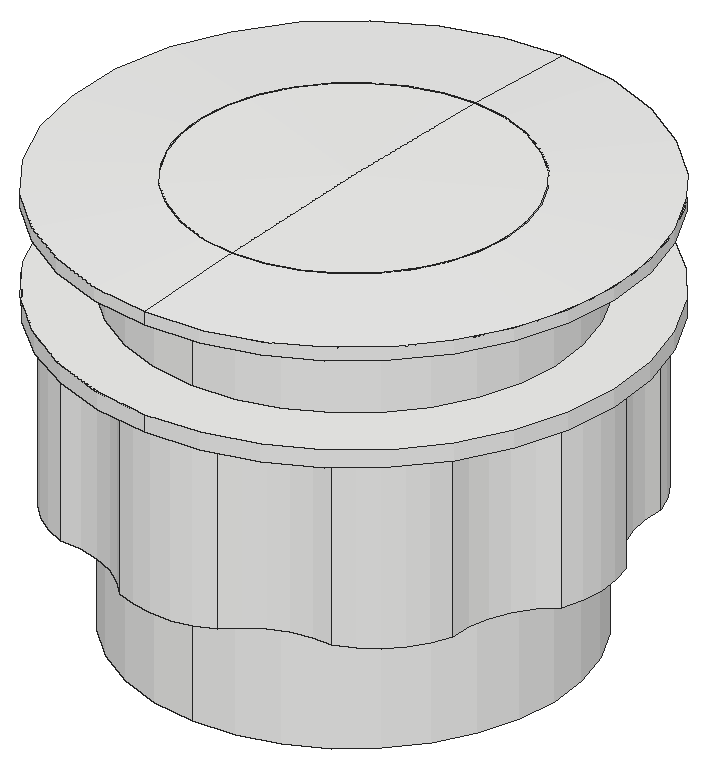
Revit family "Electronics_Masking-Generators_Biamp_Qt-Patient-Privacy-System_Emitter-W", category Communication Devices, host Face, Revit 2020
Family settings
  Host = Face
  Maintain Annotation Orientation = No
  Round Connector Dimension = Use Diameter
  Part Type = Normal
  OmniClass Number = 23.85.10.00
  OmniClass Title = General Information Systems
  Cut with Voids When Loaded = No
  Shared = No
  Room Calculation Point = No
Parameters (values of type "QT Emitter")
  Width [instance] = if([Nom Drywall Rough-in Mount], 5", if(Nom Ceiling Conduit Mount, 4.9", 0"))  # 0"
  Weight [instance] = if(Nom Beam Mount, 0.61 lbf, if(Nom Ceiling Conduit Mount, 5.01 lbf, if(Nom Drywall Mount, 0.42 lbf, if([Nom Drywall Rough-in Mount], 1.76 lbf, if(Nom Pendant Mount, 1.10 lbf, if(Nom Universal Mount, 0.59 lbf, 0.35 lbf))))))  # 0.35 lbf
  Version = 1
  Universal Mount = Universal Mount : Universal Mount
  URL = "https://www.biamp.com/"
  Temperature Range = "40 – 90° F (4 – 32° C)"  # constant formula
  Step [instance] = if(Nom Beam Mount, 2.24409", 0")  # 0"
  Standard Mount = Standard Mount : Standard Mount
  Sound Masking = "200Hz to 10kHz"  # constant formula
  Selectable Attenuation = "0dB, -3dB, -6dB, -9dB"  # constant formula
  Rotate note [instance] = "Only works with Universal Mount"  # constant formula
  Rotate angle [instance] = 0.00°
  Product data url = "https://bimobject.com/biamp/product/qt-patient-privacy_masking-generator"
  Product Page URL = "https://www.biamp.com/products/product-families/cambridge/masking-generators#qt-patient-privacy"
  Product Documentation Link = "https://downloads.biamp.com/assets/docs/default-source/data-sheets/qt-patient-privacy-system-product-brief.pdf"
  Pendant Mount = Pendant Mount : Pendant Mount
  Offset note [instance] = "Only works with Pendant Mount"  # constant formula
  Offset Emitter [instance] = if(Nom Pendant Mount, 8.14961", 0.03937")  # 0.03937"
  Pendant length [instance] = 3.54331"
  Nominal Impedance = "3.6kΩ"  # constant formula
  Nominal Dispersion = "170° conical/half space"  # constant formula
  Nom ceiling thickness [instance] = if(or(Nom Beam Mount, Nom Pendant Mount, Nom Universal Mount), 0.1", Ceiling thickness)  # 0.5"
  Nom Offset [instance] = if(Nom Universal Mount, 5.51", if(Nom Beam Mount, 2.36", if(or(Nom Ceiling Conduit Mount, Nom Drywall Mount, [Nom Drywall Rough-in Mount], Nom Standart Mount), 0", if(and(Nom Pendant Mount, or(Pendant length < 2", Pendant length = 2")), 2", if(and(Nom Pendant Mount, and(Pendant length > 2", Pendant length < 240")), Pendant length, if(and(Nom Pendant Mount, or(Pendant length > 240", Pendant length = 240")), 240", 0"))))))  # 0"
  Nom Universal Mount [instance] = Mounting kits = Universal Mount  # no
  Nom Standart Mount [instance] = Mounting kits = Standard Mount  # yes
  Nom Pendant Mount [instance] = Mounting kits = Pendant Mount  # no
  Nom Drywall Rough-in Mount [instance] = Mounting kits = [Drywall Rough-in Mount]  # no
  Nom Drywall Mount [instance] = Mounting kits = Drywall Mount  # no
  Nom Ceiling Conduit Mount [instance] = Mounting kits = Ceiling Conduit Mount  # no
  Nom Beam Mount [instance] = Mounting kits = Beam Mount  # no
  Music/Paging = "200Hz to 10kHz"  # constant formula
  Mounting kits [instance] = Standard Mount : Standard Mount
  Model = "QT Emitter"  # constant formula
  Minimum Masking SPL (@ 1m) = "30dBA"  # constant formula
  Maximum Number of Runs = "2"  # constant formula
  Maximum Music/Paging SPL (@ 1m) = "62dBA"  # constant formula
  Maximum Masking SPL (@ 1m) = "60dBA"  # constant formula
  Maximum Emitter Quantity (per Run) = "60"  # constant formula
  Maximum Cabling Distance (per Run) = "1000 feet (300m)"  # constant formula
  Manufacturer = "Biamp"  # constant formula
  Loudspeaker Type = "Passive with Transformer"  # constant formula
  Humidity = "0–95%, non-condensing"  # constant formula
  Height [instance] = if(Nom Standart Mount, 1", if(Nom Universal Mount, 4", if(Nom Beam Mount, 4", if(Nom Pendant Mount, 7", if(Nom Drywall Mount, 2.1", if([Nom Drywall Rough-in Mount], 0.38", 5.5"))))))  # 1"
  Drywall Rough-in Mount = Drywall Rough-in Mount : Drywall Rough-in Mount
  Drywall Mount = Drywall Mount : Drywall Mount
  Driver Diameter = "1.25 inches (32mm)"  # constant formula
  Diameter [instance] = if(Nom Standart Mount, 2.5", if(Nom Universal Mount, 3.5", if(Nom Beam Mount, 3.5", if(Nom Pendant Mount, 3.29921", if(Nom Drywall Mount, 3.5", 2.5")))))  # 2.5"
  Description = "QT® Patient Privacy System for Waiting Rooms, Exam Rooms, and Pharmacies"  # constant formula
  Depth [instance] = if([Nom Drywall Rough-in Mount], 28", if(Nom Ceiling Conduit Mount, 5.1", 0"))  # 0"
  Date Updated = ""
  Date Created = "2023/08/21"
  Connector Description = "RJ-45 Input"  # constant formula
  Channel Selection = "4 Channels (Auto Sequencing and Repeating)"  # constant formula
  Ceiling thickness note [instance] = "Only works with mount kits: Standard Mount, Drywall Mount, Drywall Rough-in Bracket, Ceiling Conduit Mount"  # constant formula
  Ceiling Conduit Mount = Ceiling Conduit Mount : Ceiling Conduit Mount
  Cable Type = "UTP Twisted Category 3 Type CMP (Plenum)"  # constant formula
  Beam Mount = Beam Mount : Beam Mount
  Angle [instance] = if(and(Nom Universal Mount, or(Rotate angle < -120.00°, Rotate angle = -120.00°)), -120.00°, if(and(Nom Universal Mount, and(Rotate angle > -120.00°, Rotate angle < 120.00°)), Rotate angle, if(and(Nom Universal Mount, or(Rotate angle > 120.00°, Rotate angle = 120.00°)), 120.00°, if(Nom Beam Mount, 180.00°, if(Nom Pendant Mount, 0.00°, 0.00°)))))  # 0.00°
  Radius [instance] = if(or(Nom Ceiling Conduit Mount, Nom Drywall Mount, [Nom Drywall Rough-in Mount], Nom Standart Mount), 1.25197", 0.01969")  # 1.25197"
  Housing Material = Biamp - Plastic - White
  Grid Material = Biamp - Plastic - White(Grid)
  Default Elevation = 92"
  Ceiling thickness [instance] = 0.5"
  Altitude = "0-6,600 feet (0–2000 Meters) MSL"  # constant formula
Reference planes (in)
  plane 1 "Center (Front/Back)": y = 0
  plane 2: z = 0
  plane 3 "Center (Left/Right)": x = 0
  plane 4: y = 0
Forms (in)
  Extrusion 1, solid, material "Biamp - Plastic - White" <- "Housing Material", visible <- "Nom Universal Mount"
    sketch origin (0, 0, 0) x (1, 0, 0) y (0, 1, 0)
      loop
        line (-1.50182, -1.20079) -> (1.50182, -1.20079)
        arc (1.50182, -1.20079) -> (1.62437, -1.15799) -> (1.69363, -1.04819) r 0.19685
        arc (1.69363, -1.04819) -> (1.81299, 0) -> (1.69363, 1.04819) r 4.66216
        arc (1.69363, 1.04819) -> (1.62437, 1.15799) -> (1.50182, 1.20079) r 0.19685
        line (1.50182, 1.20079) -> (-1.50182, 1.20079)
        arc (-1.50182, 1.20079) -> (-1.62437, 1.15799) -> (-1.69363, 1.04819) r 0.19685
        arc (-1.69363, 1.04819) -> (-1.81299, 0) -> (-1.69363, -1.04819) r 4.66216
        arc (-1.69363, -1.04819) -> (-1.62437, -1.15799) -> (-1.50182, -1.20079) r 0.19685
    from 0 to 0.3937
  Extrusion 2, solid, material "Biamp - Plastic - White" <- "Housing Material", visible <- "Nom Universal Mount", detail levels medium+fine
    sketch origin (0, 0, 0) x (1, 0, 0) y (0, 1, 0)
      loop
        arc (-1.69363, 1.04819) -> (-1.81299, 0) -> (-1.69363, -1.04819) r 4.66216
        line (-1.69363, -1.04819) -> (-1.65527, -1.03934)
        arc (-1.65527, -1.03934) -> (-1.77362, 0) -> (-1.65527, 1.03934) r 4.62279
        line (-1.65527, 1.03934) -> (-1.69363, 1.04819)
      loop
        line (1.69363, 1.04819) -> (1.65527, 1.03934)
        arc (1.65527, 1.03934) -> (1.77362, 0) -> (1.65527, -1.03934) r 4.62279
        line (1.65527, -1.03934) -> (1.69363, -1.04819)
        arc (1.69363, -1.04819) -> (1.81299, 0) -> (1.69363, 1.04819) r 4.66216
    from 0.3937 to 4.08117
  Extrusion 3, void
    sketch origin (0, 0, 0) x (0, 1, 0) y (0, 0, 1)
      loop
        line (-0.9133, 0.39416) -> (-0.52392, 3.1648)
        arc (-0.52392, 3.1648) -> (0, 3.62024) -> (0.52392, 3.1648) r 0.52906
        line (0.52392, 3.1648) -> (0.9133, 0.39416) -> (1.24019, 0.39416) -> (1.24019, 4.33117) -> (-1.20728, 4.33117) -> (-1.20728, 0.39416) -> (-0.9133, 0.39416)
      loop
        arc (0.3477, 0.66255) -> (0.53753, 0.74906) -> (0.59677, 0.94908) r 0.25152
        line (0.59677, 0.94908) -> (0.34418, 2.74638)
        arc (0.34418, 2.74638) -> (0, 3.04557) -> (-0.34418, 2.74638) r 0.34756
        line (-0.34418, 2.74638) -> (-0.59677, 0.94908)
        arc (-0.59677, 0.94908) -> (-0.53753, 0.74906) -> (-0.3477, 0.66255) r 0.25152
        line (-0.3477, 0.66255) -> (0.3477, 0.66255)
    from -2.52212 to 2.86082
  Revolve 4, void
    sketch origin (0, 0, -2.44094) x (0, 0, 1) y (0, -1, 0)
      loop
        line (2.44094, 0) -> (-1.88976, 0) -> (-1.88976, -1.25) -> (2.44094, -1.25) -> (2.44094, 0)
      axis (-1.88976, 0) -> (2.44094, 0)
    angle from 0 to 360
  Extrusion 5, void
    sketch origin (0, 0, 0) x (1, 0, 0) y (0, 1, 0)
      loop
        circle (0, 0) r 1.25197
    from -0.5 to 0
  Extrusion 6, solid, material "Biamp - Plastic - White" <- "Housing Material", visible <- "Nom Standart Mount"
    sketch origin (0, 16.72916, -0.5) x (0, -1, 0) y (1, 0, 0)
      loop
        circle (16.72916, 0) r 1.26181
      loop
        circle (16.72916, 0) r 1.62598
    from -0.09843 to 0
  Extrusion 7, solid, material "Biamp - Plastic - White" <- "Housing Material", visible <- "Nom Standart Mount", detail levels medium+fine
    sketch origin (0, 16.72916, -0.59843) x (1, 0, 0) y (0, -1, 0)
      loop
        circle (0, 16.72916) r 1.26181
      loop
        arc (-1.47144, 16.43388) -> (-1.29164, 16.18907) -> (-1.24366, 15.88913) r 0.64567
        arc (-1.24366, 15.88913) -> (-1.08363, 15.63091) -> (-0.82329, 15.47436) r 0.64618
        arc (-0.82329, 15.47436) -> (-0.51685, 15.428) -> (-0.26731, 15.24419) r 0.64567
        arc (-0.26731, 15.24419) -> (0.02823, 15.18692) -> (0.31764, 15.26977) r 0.64618
        arc (0.31764, 15.26977) -> (0.55848, 15.44533) -> (0.8525, 15.49402) r 0.64567
        arc (0.8525, 15.49402) -> (1.1091, 15.65664) -> (1.26303, 15.91854) r 0.64618
        arc (1.26303, 15.91854) -> (1.30779, 16.22912) -> (1.49369, 16.48192) r 0.64567
        arc (1.49369, 16.48192) -> (1.54285, 16.72916) -> (1.49369, 16.97639) r 0.64618
        arc (1.49369, 16.97639) -> (1.30779, 17.22919) -> (1.26303, 17.53977) r 0.64567
        arc (1.26303, 17.53977) -> (1.1091, 17.80168) -> (0.8525, 17.9643) r 0.64618
        arc (0.8525, 17.9643) -> (0.55848, 18.01299) -> (0.31764, 18.18855) r 0.64567
        arc (0.31764, 18.18855) -> (0.02823, 18.2714) -> (-0.26731, 18.21413) r 0.64618
        arc (-0.26731, 18.21413) -> (-0.51685, 18.03032) -> (-0.82329, 17.98396) r 0.64567
        arc (-0.82329, 17.98396) -> (-1.08363, 17.8274) -> (-1.24366, 17.56918) r 0.64618
        arc (-1.24366, 17.56918) -> (-1.29164, 17.26925) -> (-1.47144, 17.02443) r 0.64567
        arc (-1.47144, 17.02443) -> (-1.54285, 16.72916) -> (-1.47144, 16.43388) r 0.64618
    from 0 to 1.05815
  Extrusion 8, solid, material "Biamp - Plastic - White" <- "Housing Material", visible <- "Nom Drywall Mount"
    sketch origin (0, 16.72916, -0.5) x (0, -1, 0) y (1, 0, 0)
      loop
        circle (16.72916, 0) r 1.26181
      loop
        circle (16.72916, 0) r 1.5748
    from -0.09843 to 0
  Extrusion 9, solid, material "Biamp - Plastic - White" <- "Housing Material", visible <- "Nom Drywall Mount"
    sketch origin (0, 16.72916, -0.59843) x (1, 0, 0) y (0, -1, 0)
      loop
        circle (0, 16.72916) r 1.26181
      loop
        circle (0, 16.72916) r 1.34055
    from 0 to 1.50655
  Extrusion 10, void
    sketch origin (0, 16.72916, -0.5) x (0, -1, 0) y (0, 0, -1)
      loop
        line (18.14564, 1.60497) -> (15.35121, 1.60497) -> (15.35121, 1.2541) -> (18.14564, 1.2541) -> (18.14564, 1.60497)
    from -0.98425 to 0.98425
  Sweep 11, solid, material "Biamp - Metal - Black", visible <- "Nom Drywall Mount", detail levels medium+fine
    path origin (0, 16.72916, -0.5) x (0, -1, 0) y (1, 0, 0)
      loop
        line (17.00475, 0) -> (16.45357, 0)
    profile origin (0, 0, -0.5) x (-1, 0, 0) y (0, 0, 1)
      loop
        line (1.30062, -1.53238) -> (1.30062, -1.57838)
        arc (1.30062, -1.57838) -> (1.97291, -0.94249) -> (2.31108, -0.08111) r 2.12448
        arc (2.31108, -0.08111) -> (2.34487, -0.05189) -> (2.37924, -0.08043) r 0.03455
        line (2.37924, -0.08043) -> (2.40929, -0.25083)
        arc (2.40929, -0.25083) -> (2.48706, -0.31608) -> (2.56483, -0.25083) r 0.07897
        line (2.56483, -0.25083) -> (2.57468, -0.19496) -> (2.53591, -0.18812) -> (2.52508, -0.24952)
        arc (2.52508, -0.24952) -> (2.48706, -0.28142) -> (2.44903, -0.24952) r 0.03861
        line (2.44903, -0.24952) -> (2.41545, -0.05907)
        arc (2.41545, -0.05907) -> (2.34409, 0) -> (2.27433, -0.06096) r 0.07149
        arc (2.27433, -0.06096) -> (1.95078, -0.90474) -> (1.30062, -1.53238) r 2.08511
      loop
        line (-1.30092, -1.57838) -> (-1.30092, -1.53238)
        arc (-1.30092, -1.53238) -> (-1.95109, -0.90474) -> (-2.27464, -0.06096) r 2.08511
        arc (-2.27464, -0.06096) -> (-2.34439, 0) -> (-2.41576, -0.05907) r 0.07149
        line (-2.41576, -0.05907) -> (-2.44934, -0.24952)
        arc (-2.44934, -0.24952) -> (-2.48736, -0.28142) -> (-2.52539, -0.24952) r 0.03861
        line (-2.52539, -0.24952) -> (-2.53621, -0.18812) -> (-2.57498, -0.19496) -> (-2.56513, -0.25083)
        arc (-2.56513, -0.25083) -> (-2.48736, -0.31608) -> (-2.40959, -0.25083) r 0.07897
        line (-2.40959, -0.25083) -> (-2.37955, -0.08043)
        arc (-2.37955, -0.08043) -> (-2.34518, -0.05189) -> (-2.31139, -0.08111) r 0.03455
        arc (-2.31139, -0.08111) -> (-1.97321, -0.94249) -> (-1.30092, -1.57838) r 2.12448
  Extrusion 12, void
    sketch origin (0, 16.72916, -2.10497) x (0, 1, 0) y (1, 0, 0)
      loop
        arc (-17.05732, -1.29976) -> (-16.74348, -1.34047) -> (-16.42884, -1.30648) r 1.34055
        line (-16.42884, -1.30648) -> (-16.42884, -1.15698) -> (-17.05732, -1.15698) -> (-17.05732, -1.29976)
      loop
        line (-17.05732, 1.29976) -> (-17.05732, 1.15698) -> (-16.42884, 1.15698) -> (-16.42884, 1.30648)
        arc (-16.42884, 1.30648) -> (-16.74348, 1.34047) -> (-17.05732, 1.29976) r 1.34055
    from -0.40627 to 0
  Extrusion 13, solid, material "Biamp - Plastic - White" <- "Housing Material", visible <- "Nom Drywall Rough-in Mount"
    sketch origin (0, 16.72916, -0.5) x (0, -1, 0) y (1, 0, 0)
      loop
        circle (16.72916, 0) r 1.26181
      loop
        circle (16.72916, 0) r 1.5748
    from -0.09843 to 0
  Extrusion 14, solid, material "Biamp - Plastic - White" <- "Housing Material", visible <- "Nom Drywall Rough-in Mount"
    sketch origin (0, 16.72916, -0.59843) x (1, 0, 0) y (0, -1, 0)
      loop
        circle (0, 16.72916) r 1.26181
      loop
        circle (0, 16.72916) r 1.34055
    from 0 to 1.50655
  Sweep 15, solid, material "Biamp - Metal - Black", visible <- "Nom Drywall Rough-in Mount", detail levels medium+fine
    path origin (0, 16.72916, -0.5) x (0, -1, 0) y (1, 0, 0)
      loop
        line (17.00475, 0) -> (16.45357, 0)
    profile origin (0, 0, -0.5) x (-1, 0, 0) y (0, 0, 1)
      loop
        line (-1.29553, -1.53041) -> (-1.30352, -1.4851)
        arc (-1.30352, -1.4851) -> (-2.05279, -0.9799) -> (-2.51795, -0.20513) r 2.08511
        arc (-2.51795, -0.20513) -> (-2.59723, -0.1572) -> (-2.65725, -0.22777) r 0.07149
        line (-2.65725, -0.22777) -> (-2.65725, -0.42115)
        arc (-2.65725, -0.42115) -> (-2.68916, -0.45918) -> (-2.73215, -0.43436) r 0.03861
        line (-2.73215, -0.43436) -> (-2.75347, -0.37578) -> (-2.79046, -0.38924) -> (-2.77106, -0.44255)
        arc (-2.77106, -0.44255) -> (-2.68314, -0.49331) -> (-2.61788, -0.41554) r 0.07897
        line (-2.61788, -0.41554) -> (-2.61788, -0.24252)
        arc (-2.61788, -0.24252) -> (-2.589, -0.20844) -> (-2.55064, -0.23135) r 0.03455
        arc (-2.55064, -0.23135) -> (-2.06803, -1.02092) -> (-1.29553, -1.53041) r 2.12448
      loop
        arc (1.29553, -1.53041) -> (2.06803, -1.02092) -> (2.55064, -0.23135) r 2.12448
        arc (2.55064, -0.23135) -> (2.589, -0.20844) -> (2.61788, -0.24252) r 0.03455
        line (2.61788, -0.24252) -> (2.61788, -0.41554)
        arc (2.61788, -0.41554) -> (2.68314, -0.49331) -> (2.77106, -0.44255) r 0.07897
        line (2.77106, -0.44255) -> (2.79046, -0.38924) -> (2.75347, -0.37578) -> (2.73215, -0.43436)
        arc (2.73215, -0.43436) -> (2.68916, -0.45918) -> (2.65725, -0.42115) r 0.03861
        line (2.65725, -0.42115) -> (2.65725, -0.22777)
        arc (2.65725, -0.22777) -> (2.59723, -0.1572) -> (2.51795, -0.20513) r 0.07149
        arc (2.51795, -0.20513) -> (2.05279, -0.9799) -> (1.30352, -1.4851) r 2.08511
        line (1.30352, -1.4851) -> (1.29553, -1.53041)
  Extrusion 16, solid, material "Biamp - Metal - Gray", visible <- "Nom Drywall Rough-in Mount"
    sketch origin (0, 16.72916, -0.5) x (0, -1, 0) y (1, 0, 0)
      loop
        line (14.22916, 14) -> (14.22916, -14) -> (19.22916, -14) -> (19.22916, 14) -> (14.22916, 14)
      loop
        circle (16.72916, 0) r 1.37992
    from -0.15748 to -0.09843
  Extrusion 17, solid, material "Biamp - Metal - Gray", visible <- "Nom Ceiling Conduit Mount"
    sketch origin (0, 16.72916, -0.5) x (0, -1, 0) y (1, 0, 0)
      loop
        line (14.3079, -2.42126) -> (19.15042, -2.42126) -> (19.15042, 2.42126) -> (14.3079, 2.42126) -> (14.3079, -2.42126)
      loop
        circle (16.72916, 0) r 1.26181
    from -4.88189 to 0
  Sweep 18, solid, material "Biamp - Metal - Gray", visible <- "Nom Ceiling Conduit Mount"
    path origin (0, 16.72916, -0.5) x (0, -1, 0) y (1, 0, 0)
      loop
        line (19.15042, -12.16535) -> (19.15042, 12.16535)
    profile origin (0, -2.42126, -0.5) x (0, 1, 0) y (0, 0, 1)
      loop
        line (0, 0) -> (-1.5748, 0) -> (-1.5748, -0.07874) -> (-0.07874, -0.07874) -> (-0.07874, -1.5748) -> (0, -1.5748) -> (0, 0)
      loop
        line (4.84252, 0) -> (4.84252, -1.5748) -> (4.92126, -1.5748) -> (4.92126, -0.07874) -> (6.41732, -0.07874) -> (6.41732, 0) -> (4.84252, 0)
  Extrusion 19, solid, material "Biamp - Metal - Gray", visible <- "Nom Ceiling Conduit Mount", detail levels medium+fine
    sketch origin (-12.16535, -2.5, -2.0748) x (1, 0, 0) y (0, 0, 1)
      loop
        line (24.25197, 1.49606) -> (24.25197, -0.66929) -> (25.23622, -0.66929) -> (25.23622, 1.49606) -> (25.15748, 1.49606) -> (25.15748, -0.59055) -> (24.33071, -0.59055) -> (24.33071, 1.49606) -> (24.25197, 1.49606)
    from 0 to 0.98425
  Extrusion 20, solid, material "Biamp - Metal - Gray", visible <- "Nom Ceiling Conduit Mount", detail levels medium+fine
    sketch origin (-12.16535, 2.5, -0.57874) x (1, 0, 0) y (0, 0, -1)
      loop
        line (24.25197, 0) -> (24.33071, 0) -> (24.33071, 2.08661) -> (25.15748, 2.08661) -> (25.15748, 0) -> (25.23622, 0) -> (25.23622, 2.16535) -> (24.25197, 2.16535) -> (24.25197, 0)
    from 0 to 0.98425
  Extrusion 21, solid, material "Biamp - Metal - Gray", visible <- "Nom Ceiling Conduit Mount", detail levels medium+fine
    sketch origin (-37.32283, -2.5, -2.0748) x (1, 0, 0) y (0, 0, 1)
      loop
        line (24.25197, 1.49606) -> (24.25197, -0.66929) -> (25.23622, -0.66929) -> (25.23622, 1.49606) -> (25.15748, 1.49606) -> (25.15748, -0.59055) -> (24.33071, -0.59055) -> (24.33071, 1.49606) -> (24.25197, 1.49606)
    from 0 to 0.98425
  Extrusion 22, solid, material "Biamp - Metal - Gray", visible <- "Nom Ceiling Conduit Mount", detail levels medium+fine
    sketch origin (-37.32283, 2.5, -0.57874) x (1, 0, 0) y (0, 0, -1)
      loop
        line (24.25197, 0) -> (24.33071, 0) -> (24.33071, 2.08661) -> (25.15748, 2.08661) -> (25.15748, 0) -> (25.23622, 0) -> (25.23622, 2.16535) -> (24.25197, 2.16535) -> (24.25197, 0)
    from 0 to 0.98425
  Sweep 23, solid, material "Biamp - Plastic - White" <- "Housing Material", visible <- "Nom Beam Mount", detail levels medium+fine
    path origin (0, 2.24513, -1.23668) x (0, 1, 0) y (0, 0, 1)
      loop
        line (-2.63386, 0) -> (-1.69291, 0) -> (-1.69291, 1.42618) -> (-3.44488, 1.42618)
    profile origin (0, 0.08174, -1.23668) x (0, 0, 1) y (1, 0, 0)
      loop
        arc (0.14306, -0.35679) -> (0.18886, -0.32513) -> (0.1572, -0.27933) r 0.03937
        arc (0.1572, -0.27933) -> (0.13977, -0.27512) -> (0.12293, -0.26895) r 0.15777
        arc (0.12293, -0.26895) -> (0.10596, -0.24751) -> (0.11447, -0.22152) r 0.02888
        arc (0.11447, -0.22152) -> (0.1495, -0.17112) -> (0.16184, -0.111) r 0.15264
        line (0.16184, -0.111) -> (0.16184, 0.111)
        arc (0.16184, 0.111) -> (0.1495, 0.17112) -> (0.11447, 0.22152) r 0.15264
        arc (0.11447, 0.22152) -> (0.10596, 0.24751) -> (0.12293, 0.26895) r 0.02888
        arc (0.12293, 0.26895) -> (0.13977, 0.27512) -> (0.1572, 0.27933) r 0.15777
        arc (0.1572, 0.27933) -> (0.18886, 0.32513) -> (0.14306, 0.35679) r 0.03937
        arc (0.14306, 0.35679) -> (0.07734, 0.33445) -> (0.02093, 0.29398) r 0.23651
        arc (0.02093, 0.29398) -> (0.00039, 0.24967) -> (0.0148, 0.20301) r 0.06807
        arc (0.0148, 0.20301) -> (0.02977, 0.18718) -> (0.04733, 0.17429) r 0.12053
        arc (0.04733, 0.17429) -> (0.07354, 0.14735) -> (0.0831, 0.111) r 0.0739
        line (0.0831, 0.111) -> (0.0831, -0.111)
        arc (0.0831, -0.111) -> (0.07354, -0.14735) -> (0.04733, -0.17429) r 0.0739
        arc (0.04733, -0.17429) -> (0.02977, -0.18718) -> (0.0148, -0.20301) r 0.12053
        arc (0.0148, -0.20301) -> (0.00039, -0.24967) -> (0.02093, -0.29398) r 0.06807
        arc (0.02093, -0.29398) -> (0.07734, -0.33445) -> (0.14306, -0.35679) r 0.23651
  Revolve 24, solid, material "Biamp - Plastic - White" <- "Housing Material", visible <- "Nom Pendant Mount"
    sketch origin (0, 0, 0) x (0, 1, 0) y (0, 0, 1)
      loop
        line (0, 0) -> (0, 1.16405) -> (-0.33877, 1.16405) -> (-0.47679, 0.18201)
        arc (-0.47679, 0.18201) -> (-0.67322, 0.31245) -> (-0.84394, 0.4751) r 1.34944
        arc (-0.84394, 0.4751) -> (-1.90571, 0.35412) -> (-2.95276, 0.14035) r 12.15581
        line (-2.95276, 0.14035) -> (-2.95276, 0) -> (0, 0)
      axis (0, 0) -> (0, 1.16405)
    angle from 0 to 360
  Extrusion 25, solid, material "Biamp - Plastic - White" <- "Housing Material", visible <- "Nom Pendant Mount"
    sketch origin (0, 0, 1.16405) x (-1, 0, 0) y (0, -1, 0)
      loop
        circle (0, 0) r 0.05877
    from 0 to -1.16405
  Revolve 26, solid, material "Biamp - Plastic - White" <- "Housing Material", visible <- "Nom Pendant Mount", detail levels medium+fine
    sketch origin (0, 0.93869, 0) x (0, -1, 0) y (0, 0, -1)
      loop
        line (0.93869, 0) -> (0.93869, -5.73407) -> (2.18869, -5.73407) -> (2.18869, -8.10858) -> (2.59223, -8.10858) -> (2.59223, -1.42747)
        arc (2.59223, -1.42747) -> (2.30729, -1.05282) -> (1.85859, -0.91063) r 0.77912
        line (1.85859, -0.91063) -> (1.55634, -0.91063)
        arc (1.55634, -0.91063) -> (1.46569, -0.45906) -> (1.42836, 0) r 3.93915
        line (1.42836, 0) -> (0.93869, 0)
      axis (0.93869, 0) -> (0.93869, -8.10858)
    angle from 0 to 360
  Extrusion 27, solid, material "Biamp - Plastic - White" <- "Housing Material", visible <- "Nom Beam Mount"
    sketch origin (0, 0, 2.56472) x (1, 0, 0) y (0, 1, 0)
      loop
        circle (0, 0) r 1.69291
    from -6.89542 to -2.56472
  Revolve 28, solid, material "Biamp - Plastic - White" <- "Housing Material", visible <- "Nom Pendant Mount", detail levels coarse
    sketch origin (0, 0.93869, 0) x (0, -1, 0) y (0, 0, -1)
      loop
        line (0.93869, 0) -> (0.93869, -5.73407) -> (2.18869, -5.73407) -> (2.18869, -8.10858) -> (2.59223, -8.10858) -> (2.59223, -1.42747) -> (1.42836, 0) -> (0.93869, 0)
      axis (0.93869, 0) -> (0.93869, -8.10858)
    angle from 0 to 360
  Extrusion 29, solid, material "Biamp - Plastic - White" <- "Housing Material", visible <- "Nom Universal Mount", detail levels coarse
    sketch origin (0, 0, 0) x (1, 0, 0) y (0, 1, 0)
      loop
        arc (-1.69363, 1.04819) -> (-1.81299, 0) -> (-1.69363, -1.04819) r 4.66216
        line (-1.69363, -1.04819) -> (-1.65527, -1.03934)
        arc (-1.65527, -1.03934) -> (-1.77362, 0) -> (-1.65527, 1.03934) r 4.62279
        line (-1.65527, 1.03934) -> (-1.69363, 1.04819)
      loop
        line (1.69363, 1.04819) -> (1.65527, 1.03934)
        arc (1.65527, 1.03934) -> (1.77362, 0) -> (1.65527, -1.03934) r 4.62279
        line (1.65527, -1.03934) -> (1.69363, -1.04819)
        arc (1.69363, -1.04819) -> (1.81299, 0) -> (1.69363, 1.04819) r 4.66216
    from 0.3937 to 4.08117
  Extrusion 30, void
    sketch origin (0, 0, 0) x (0, 1, 0) y (0, 0, 1)
      loop
        line (-0.9133, 0.39416) -> (-0.52392, 3.1648)
        arc (-0.52392, 3.1648) -> (0, 3.62024) -> (0.52392, 3.1648) r 0.52906
        line (0.52392, 3.1648) -> (0.9133, 0.39416) -> (1.24019, 0.39416) -> (1.24019, 4.33117) -> (-1.20728, 4.33117) -> (-1.20728, 0.39416) -> (-0.9133, 0.39416)
    from -2.52212 to 2.86082
  Sweep 31, solid, material "Biamp - Plastic - White" <- "Housing Material", visible <- "Nom Beam Mount", detail levels coarse
    path origin (0, 2.24513, -1.23668) x (0, 1, 0) y (0, 0, 1)
      loop
        line (-2.63386, 0) -> (-1.69291, 0) -> (-1.69291, 1.42618) -> (-3.44488, 1.42618)
    profile origin (0, 0.08174, -1.23668) x (0, 0, 1) y (1, 0, 0)
      loop
        line (0.18886, -0.35679) -> (0.18886, 0.35679) -> (0.00039, 0.35679) -> (0.00039, -0.35679) -> (0.18886, -0.35679)
  Extrusion 32, solid, material "Biamp - Plastic - White" <- "Housing Material", visible <- "Nom Standart Mount", detail levels coarse
    sketch origin (0, 16.72916, -0.59843) x (1, 0, 0) y (0, -1, 0)
      loop
        circle (0, 16.72916) r 1.26181
      loop
        circle (0, 16.72916) r 1.54285
    from 0 to 1.05815
Cuts and joins
  Extrusion 10 cuts Extrusion 9
  Extrusion 12 cuts Sweep 11
  Extrusion 10 cuts Extrusion 14
  Extrusion 12 cuts Sweep 15
  Revolve 4 cuts Extrusion 27
  Extrusion 3 cuts Extrusion 2
  Extrusion 30 cuts Extrusion 29
Lines and regions (in)
  Masking region 1, visible <- "Nom Universal Mount"
    outline origin (0, 0, 0) x (0, 1, 0) y (0, 0, 1)
      loop
        line (-1.20079, 0.3937) -> (-1.20079, 0) -> (1.20079, 0) -> (1.20079, 0.3937) -> (-1.20079, 0.3937)
  Masking region 2, visible <- "Nom Universal Mount"
    outline origin (0, 0, 0) x (0, 1, 0) y (0, 0, 1)
      loop
        line (-0.52392, 3.1648) -> (-0.91337, 0.3937) -> (0.91337, 0.3937) -> (0.52392, 3.1648)
        arc (0.52392, 3.1648) -> (0, 3.62024) -> (-0.52392, 3.1648) r 0.52906
      loop
        line (-0.34418, 2.74638) -> (-0.59677, 0.94908)
        arc (-0.59677, 0.94908) -> (-0.53753, 0.74906) -> (-0.3477, 0.66255) r 0.25152
        line (-0.3477, 0.66255) -> (0.3477, 0.66255)
        arc (0.3477, 0.66255) -> (0.53753, 0.74906) -> (0.59677, 0.94908) r 0.25152
        line (0.59677, 0.94908) -> (0.34418, 2.74638)
        arc (0.34418, 2.74638) -> (0, 3.04557) -> (-0.34418, 2.74638) r 0.34756
  Masking region 3, visible <- "Nom Universal Mount"
    outline origin (0, 0, -2.44094) x (0, 0, 1) y (0, -1, 0)
      loop
        line (2.44094, 1.69291) -> (-1.88976, 1.69291) -> (-1.88976, -1.69291) -> (2.44094, -1.69291) -> (2.44094, 1.69291)
  Masking region 4, visible <- "Nom Universal Mount"
    outline origin (0, 0, 0) x (1, 0, 0) y (0, 1, 0)
      loop
        line (1.50182, 1.20079) -> (-1.50182, 1.20079)
        arc (-1.50182, 1.20079) -> (-1.62437, 1.15799) -> (-1.69363, 1.04819) r 0.19685
        arc (-1.69363, 1.04819) -> (-1.81299, 0) -> (-1.69363, -1.04819) r 4.66216
        arc (-1.69363, -1.04819) -> (-1.62437, -1.15799) -> (-1.50182, -1.20079) r 0.19685
        line (-1.50182, -1.20079) -> (1.50182, -1.20079)
        arc (1.50182, -1.20079) -> (1.62437, -1.15799) -> (1.69363, -1.04819) r 0.19685
        arc (1.69363, -1.04819) -> (1.81299, 0) -> (1.69363, 1.04819) r 4.66216
        arc (1.69363, 1.04819) -> (1.62437, 1.15799) -> (1.50182, 1.20079) r 0.19685
  Masking region 5, visible <- "Nom Universal Mount"
    outline origin (0, 0, 0) x (1, 0, 0) y (0, 1, 0)
      loop
        arc (-1.72265, 0.91337) -> (-1.81299, 0) -> (-1.72265, -0.91337) r 4.66216
        line (-1.72265, -0.91337) -> (-1.68249, -0.91337)
        arc (-1.68249, -0.91337) -> (-1.77362, 0) -> (-1.68249, 0.91337) r 4.62279
        line (-1.68249, 0.91337) -> (-1.72265, 0.91337)
      loop
        line (1.72265, 0.91337) -> (1.68249, 0.91337)
        arc (1.68249, 0.91337) -> (1.77362, 0) -> (1.68249, -0.91337) r 4.62279
        line (1.68249, -0.91337) -> (1.72265, -0.91337)
        arc (1.72265, -0.91337) -> (1.81299, 0) -> (1.72265, 0.91337) r 4.66216
  Masking region 6, visible <- "Nom Beam Mount"
    outline origin (0, 1.51196, 0.00205) x (0, 1, 0) y (0, 0, 1)
      loop
        line (-2.71172, 0.18706) -> (-2.71172, -0.0022) -> (-1.14922, -0.0022) -> (-1.14922, -1.04938) -> (-1.90069, -1.04938) -> (-1.90069, -1.23865) -> (-0.96078, -1.23865) -> (-0.96078, 0.18706) -> (-2.71172, 0.18706)
  Masking region 7, visible <- "Nom Beam Mount"
    outline origin (0, 0, -2.44094) x (0, 0, 1) y (0, -1, 0)
      loop
        line (-1.88976, -1.69291) -> (2.44094, -1.69291) -> (2.44094, 1.69291) -> (-1.88976, 1.69291) -> (-1.88976, -1.69291)
  Masking region 8, visible <- "Nom Ceiling Conduit Mount"
    outline origin (-2.54997, -16.52759, -0.5) x (1, 0, 0) y (0, 0, 1)
      loop
        line (-9.61539, -0.07874) -> (14.71532, -0.07874) -> (14.71532, 0) -> (-9.61539, 0) -> (-9.61539, -0.07874)
  Masking region 9, visible <- "Nom Ceiling Conduit Mount"
    outline origin (-2.54997, -16.52759, -0.5) x (1, 0, 0) y (0, 0, 1)
      loop
        line (0.12871, -0.07874) -> (0.12871, -4.88189) -> (4.97123, -4.88189) -> (4.97123, -0.07874) -> (0.12871, -0.07874)
  Masking region 10, visible <- "Nom Ceiling Conduit Mount"
    outline origin (-2.54997, -16.52759, -0.5) x (1, 0, 0) y (0, 0, 1)
      loop
        line (-9.53665, -0.07874) -> (-9.53665, -1.5748) -> (14.63658, -1.5748) -> (14.63658, -0.07874) -> (-9.53665, -0.07874)
  Masking region 11, visible <- "Nom Drywall Mount"
    outline origin (-2.54997, -16.52759, -0.5) x (1, 0, 0) y (0, 0, 1)
      loop
        line (0.97517, 0) -> (0.97517, -0.09843) -> (4.12477, -0.09843) -> (4.12477, 0) -> (0.97517, 0)
  Masking region 12, visible <- "Nom Drywall Mount"
    outline origin (-2.54997, -16.52759, -0.5) x (1, 0, 0) y (0, 0, 1)
      loop
        line (3.89052, -0.09843) -> (1.20942, -0.09843) -> (1.20942, -1.60497) -> (1.56572, -1.60497) -> (1.56572, -1.2541) -> (3.53422, -1.2541) -> (3.53422, -1.60497) -> (3.89052, -1.60497) -> (3.89052, -0.09843)
  Masking region 13, visible <- "Nom Drywall Mount"
    outline origin (-2.54997, -16.52759, -0.5) x (1, 0, 0) y (0, 0, 1)
      loop
        arc (0.23888, -0.08111) -> (0.56408, -0.92301) -> (1.20942, -1.55395) r 2.12448
        line (1.20942, -1.55395) -> (1.20942, -1.50731)
        arc (1.20942, -1.50731) -> (0.58629, -0.88501) -> (0.27564, -0.06096) r 2.08511
        arc (0.27564, -0.06096) -> (0.20588, 0) -> (0.13452, -0.05907) r 0.07149
        line (0.13452, -0.05907) -> (0.10094, -0.24952)
        arc (0.10094, -0.24952) -> (0.06291, -0.28142) -> (0.02489, -0.24952) r 0.03861
        line (0.02489, -0.24952) -> (0.01406, -0.18812) -> (-0.02471, -0.19496) -> (-0.01486, -0.25083)
        arc (-0.01486, -0.25083) -> (0.06291, -0.31608) -> (0.14068, -0.25083) r 0.07897
        line (0.14068, -0.25083) -> (0.17073, -0.08043)
        arc (0.17073, -0.08043) -> (0.20509, -0.05189) -> (0.23888, -0.08111) r 0.03455
      loop
        arc (4.8246, -0.06096) -> (4.51386, -0.88516) -> (3.89052, -1.5075) r 2.08511
        line (3.89052, -1.5075) -> (3.89052, -1.55414)
        arc (3.89052, -1.55414) -> (4.53607, -0.92316) -> (4.86136, -0.08111) r 2.12448
        arc (4.86136, -0.08111) -> (4.89515, -0.05189) -> (4.92952, -0.08043) r 0.03455
        line (4.92952, -0.08043) -> (4.95956, -0.25083)
        arc (4.95956, -0.25083) -> (5.03733, -0.31608) -> (5.1151, -0.25083) r 0.07897
        line (5.1151, -0.25083) -> (5.12495, -0.19496) -> (5.08618, -0.18812) -> (5.07536, -0.24952)
        arc (5.07536, -0.24952) -> (5.03733, -0.28142) -> (4.99931, -0.24952) r 0.03861
        line (4.99931, -0.24952) -> (4.96573, -0.05907)
        arc (4.96573, -0.05907) -> (4.89436, 0) -> (4.8246, -0.06096) r 0.07149
  Masking region 14, visible <- "Nom Drywall Rough-in Mount"
    outline origin (-2.54997, -16.52759, -0.5) x (1, 0, 0) y (0, 0, 1)
      loop
        line (0.97517, 0) -> (0.97517, -0.09843) -> (4.12477, -0.09843) -> (4.12477, 0) -> (0.97517, 0)
  Masking region 15, visible <- "Nom Drywall Rough-in Mount"
    outline origin (-2.54997, -16.52759, -0.5) x (1, 0, 0) y (0, 0, 1)
      loop
        line (-11.45003, -0.09843) -> (-11.45003, -0.15748) -> (16.54997, -0.15748) -> (16.54997, -0.09843) -> (-11.45003, -0.09843)
  Masking region 16, visible <- "Nom Drywall Rough-in Mount"
    outline origin (-2.54997, -16.52759, -0.5) x (1, 0, 0) y (0, 0, 1)
      loop
        line (1.20942, -1.60497) -> (1.56572, -1.60497) -> (1.56572, -1.2541) -> (3.53422, -1.2541) -> (3.53422, -1.60497) -> (3.89052, -1.60497) -> (3.89052, -0.15748) -> (1.20942, -0.15748) -> (1.20942, -1.60497)
  Masking region 17, visible <- "Nom Drywall Rough-in Mount"
    outline origin (-2.54997, -16.52759, -0.5) x (1, 0, 0) y (0, 0, 1)
      loop
        arc (5.06791, -0.20513) -> (4.61644, -0.96534) -> (3.89052, -1.47012) r 2.08511
        line (3.89052, -1.47012) -> (3.89052, -1.51269)
        arc (3.89052, -1.51269) -> (4.63471, -1.00342) -> (5.10061, -0.23135) r 2.12448
        arc (5.10061, -0.23135) -> (5.13897, -0.20844) -> (5.16785, -0.24252) r 0.03455
        line (5.16785, -0.24252) -> (5.16785, -0.41554)
        arc (5.16785, -0.41554) -> (5.23311, -0.49331) -> (5.32103, -0.44255) r 0.07897
        line (5.32103, -0.44255) -> (5.34043, -0.38924) -> (5.30344, -0.37578) -> (5.28212, -0.43436)
        arc (5.28212, -0.43436) -> (5.23913, -0.45918) -> (5.20722, -0.42115) r 0.03861
        line (5.20722, -0.42115) -> (5.20722, -0.22777)
        arc (5.20722, -0.22777) -> (5.1472, -0.1572) -> (5.06791, -0.20513) r 0.07149
      loop
        arc (-0.00067, -0.23135) -> (0.46523, -1.00342) -> (1.20942, -1.51269) r 2.12448
        line (1.20942, -1.51269) -> (1.20942, -1.47012)
        arc (1.20942, -1.47012) -> (0.4835, -0.96534) -> (0.03202, -0.20513) r 2.08511
        arc (0.03202, -0.20513) -> (-0.04726, -0.1572) -> (-0.10729, -0.22777) r 0.07149
        line (-0.10729, -0.22777) -> (-0.10729, -0.42115)
        arc (-0.10729, -0.42115) -> (-0.13919, -0.45918) -> (-0.18218, -0.43436) r 0.03861
        line (-0.18218, -0.43436) -> (-0.2035, -0.37578) -> (-0.2405, -0.38924) -> (-0.22109, -0.44255)
        arc (-0.22109, -0.44255) -> (-0.13317, -0.49331) -> (-0.06792, -0.41554) r 0.07897
        line (-0.06792, -0.41554) -> (-0.06792, -0.24252)
        arc (-0.06792, -0.24252) -> (-0.03903, -0.20844) -> (-0.00067, -0.23135) r 0.03455
  Masking region 18, visible <- "Nom Pendant Mount"
    outline origin (0, 0, 0) x (1, 0, 0) y (0, 0, 1)
      loop
        line (-2.95276, 0) -> (2.95276, 0) -> (2.95276, 0.14035)
        arc (2.95276, 0.14035) -> (1.91155, 0.39089) -> (0.84394, 0.4751) r 6.80986
        line (0.84394, 0.4751) -> (-0.84394, 0.4751)
        arc (-0.84394, 0.4751) -> (-1.91155, 0.39089) -> (-2.95276, 0.14035) r 6.80986
        line (-2.95276, 0.14035) -> (-2.95276, 0)
  Masking region 19, visible <- "Nom Pendant Mount"
    outline origin (0, 0, 0) x (1, 0, 0) y (0, 0, 1)
      loop
        line (-0.4356, 0.4751) -> (0.4356, 0.4751) -> (0.33877, 1.16405) -> (-0.33877, 1.16405) -> (-0.4356, 0.4751)
  Masking region 20, visible <- "Nom Pendant Mount"
    outline origin (0, 0, 0) x (1, 0, 0) y (0, 0, 1)
      loop
        line (-0.05877, 0) -> (0.05877, 0) -> (0.05877, 1.16405) -> (-0.05877, 1.16405) -> (-0.05877, 0)
  Masking region 21, visible <- "Nom Pendant Mount"
    outline origin (-1.19451, -0.20444, 0) x (1, 0, 0) y (0, 0, 1)
      loop
        line (0.70484, 0) -> (1.68419, 0)
        arc (1.68419, 0) -> (1.71902, 0.45941) -> (1.81217, 0.91063) r 3.60478
        line (1.81217, 0.91063) -> (2.1117, 0.91063)
        arc (2.1117, 0.91063) -> (2.56152, 1.05274) -> (2.84806, 1.42747) r 0.78297
        line (2.84806, 1.42747) -> (2.84806, 8.10858) -> (-0.45903, 8.10858) -> (-0.45903, 1.42747)
        arc (-0.45903, 1.42747) -> (-0.1725, 1.05274) -> (0.27732, 0.91063) r 0.78297
        line (0.27732, 0.91063) -> (0.57686, 0.91063)
        arc (0.57686, 0.91063) -> (0.67, 0.45941) -> (0.70484, 0) r 3.60478
  Masking region 22, visible <- "Nom Standart Mount"
    outline origin (-2.54997, -16.52759, -0.5) x (1, 0, 0) y (0, 0, 1)
      loop
        line (0.92398, 0) -> (0.92398, -0.09843) -> (4.17595, -0.09843) -> (4.17595, 0) -> (0.92398, 0)
  Masking region 23, visible <- "Nom Standart Mount"
    outline origin (-2.54997, -16.52759, -0.5) x (1, 0, 0) y (0, 0, 1)
      loop
        line (1.01011, -1.15657) -> (4.08983, -1.15657) -> (4.08983, -0.09843) -> (1.01011, -0.09843) -> (1.01011, -1.15657)
  Masking region 24, visible <- "Nom Universal Mount"
    outline origin (0, 0, 0) x (1, 0, 0) y (0, 0, 1)
      loop
        line (-1.81299, 0.3937) -> (-1.81299, 0) -> (1.81299, 0) -> (1.81299, 0.3937) -> (-1.81299, 0.3937)
  Masking region 25, visible <- "Nom Universal Mount"
    outline origin (0, 0, 0) x (1, 0, 0) y (0, 0, 1)
      loop
        line (-1.81299, 0.3937) -> (-1.74269, 0.3937) -> (-1.74269, 3.61892) -> (-1.81299, 3.61892) -> (-1.81299, 0.3937)
      loop
        line (1.81299, 0.3937) -> (1.81299, 3.61892) -> (1.74269, 3.61892) -> (1.74269, 0.3937) -> (1.81299, 0.3937)
  Masking region 26, visible <- "Nom Beam Mount"
    outline origin (0, 0, 0) x (1, 0, 0) y (0, 0, 1)
      loop
        line (-1.69291, 1.81102) -> (-1.69291, -2.51969) -> (1.69291, -2.51969) -> (1.69291, 1.81102) -> (-1.69291, 1.81102)
  Masking region 27
    outline origin (0, 1.87008, 0) x (1, 0, 0) y (0, 1, 0)
      loop
        circle (0, 0) r 1.69291
  Masking region 28, visible <- "Nom Drywall Rough-in Mount"
    outline origin (0, 0, 0) x (1, 0, 0) y (0, 1, 0)
      loop
        line (-14, 2.5) -> (-14, -2.5) -> (14, -2.5) -> (14, 2.5) -> (-14, 2.5)
  Masking region 29, visible <- "Nom Drywall Rough-in Mount"
    outline origin (0, 0, 0) x (1, 0, 0) y (0, 1, 0)
      loop
        line (-2.79046, 0.27559) -> (-2.79046, -0.27559) -> (-1.67033, -0.27559)
        arc (-1.67033, -0.27559) -> (-1.69291, 0) -> (-1.67033, 0.27559) r 1.69291
        line (-1.67033, 0.27559) -> (-2.79046, 0.27559)
      loop
        line (2.79046, 0.27559) -> (1.67033, 0.27559)
        arc (1.67033, 0.27559) -> (1.69291, 0) -> (1.67033, -0.27559) r 1.69291
        line (1.67033, -0.27559) -> (2.79046, -0.27559) -> (2.79046, 0.27559)
  Masking region 30, visible <- "Nom Ceiling Conduit Mount"
    outline origin (0, 0, 0) x (1, 0, 0) y (0, 1, 0)
      loop
        line (-2.42126, 2.42126) -> (-2.42126, -2.42126) -> (2.42126, -2.42126) -> (2.42126, 2.42126) -> (-2.42126, 2.42126)
      loop
        circle (0, 0) r 1.69291
  Masking region 31, visible <- "Nom Ceiling Conduit Mount"
    outline origin (0, 0, 0) x (1, 0, 0) y (0, 1, 0)
      loop
        line (-12.16535, 3.99606) -> (-12.16535, 2.42126) -> (12.16535, 2.42126) -> (12.16535, 3.99606) -> (-12.16535, 3.99606)
      loop
        line (12.16535, -2.42126) -> (-12.16535, -2.42126) -> (-12.16535, -3.99606) -> (12.16535, -3.99606) -> (12.16535, -2.42126)
  Masking region 32, visible <- "Nom Ceiling Conduit Mount"
    outline origin (0, 0, 0) x (1, 0, 0) y (0, 1, 0)
      loop
        line (-13.07087, 3.48425) -> (-13.07087, 2.5) -> (-12.0716, 2.5) -> (-12.0716, 3.48425) -> (-13.07087, 3.48425)
      loop
        line (-13.07087, -2.5) -> (-13.07087, -3.48425) -> (-12.0716, -3.48425) -> (-12.0716, -2.5) -> (-13.07087, -2.5)
      loop
        line (13.07087, 3.48425) -> (12.0716, 3.48425) -> (12.0716, 2.5) -> (13.07087, 2.5) -> (13.07087, 3.48425)
      loop
        line (13.07087, -2.5) -> (12.0716, -2.5) -> (12.0716, -3.48425) -> (13.07087, -3.48425) -> (13.07087, -2.5)
  Masking region 33, visible <- "Nom Drywall Mount"
    outline origin (0, 0, 0) x (1, 0, 0) y (0, 1, 0)
      loop
        line (-1.31797, 0.27559) -> (-2.57468, 0.27559) -> (-2.57468, -0.27559) -> (-1.31797, -0.27559)
        arc (-1.31797, -0.27559) -> (-1.34055, 0) -> (-1.31797, 0.27559) r 1.69291
      loop
        arc (1.31797, 0.27559) -> (1.34055, 0) -> (1.31797, -0.27559) r 1.69291
        line (1.31797, -0.27559) -> (2.57468, -0.27559) -> (2.57468, 0.27559) -> (1.31797, 0.27559)
  Masking region 34, visible <- "Nom Drywall Mount"
    outline origin (0, 0, 0) x (1, 0, 0) y (0, 1, 0)
      loop
        circle (0, 0) r 1.34055
      loop
        circle (0, 0) r 1.26181
  Masking region 35, visible <- "Nom Standart Mount"
    outline origin (0, 0, 0) x (1, 0, 0) y (0, 1, 0)
      loop
        arc (-0.26731, 1.48497) -> (-0.51685, 1.30116) -> (-0.82329, 1.2548) r 0.64567
        arc (-0.82329, 1.2548) -> (-1.08363, 1.09824) -> (-1.24366, 0.84003) r 0.64618
        arc (-1.24366, 0.84003) -> (-1.29164, 0.54009) -> (-1.47144, 0.29528) r 0.64567
        arc (-1.47144, 0.29528) -> (-1.54285, 0) -> (-1.47144, -0.29528) r 0.64618
        arc (-1.47144, -0.29528) -> (-1.29164, -0.54009) -> (-1.24366, -0.84003) r 0.64567
        arc (-1.24366, -0.84003) -> (-1.08363, -1.09824) -> (-0.82329, -1.2548) r 0.64618
        arc (-0.82329, -1.2548) -> (-0.51685, -1.30116) -> (-0.26731, -1.48497) r 0.64567
        arc (-0.26731, -1.48497) -> (0.02823, -1.54224) -> (0.31764, -1.45939) r 0.64618
        arc (0.31764, -1.45939) -> (0.55848, -1.28383) -> (0.8525, -1.23514) r 0.64567
        arc (0.8525, -1.23514) -> (1.1091, -1.07252) -> (1.26303, -0.81062) r 0.64618
        arc (1.26303, -0.81062) -> (1.30779, -0.50003) -> (1.49369, -0.24723) r 0.64567
        arc (1.49369, -0.24723) -> (1.54285, 0) -> (1.49369, 0.24723) r 0.64618
        arc (1.49369, 0.24723) -> (1.30779, 0.50003) -> (1.26303, 0.81062) r 0.64567
        arc (1.26303, 0.81062) -> (1.1091, 1.07252) -> (0.8525, 1.23514) r 0.64618
        arc (0.8525, 1.23514) -> (0.55848, 1.28383) -> (0.31764, 1.45939) r 0.64567
        arc (0.31764, 1.45939) -> (0.02823, 1.54224) -> (-0.26731, 1.48497) r 0.64618
      loop
        circle (0, 0) r 1.26181
  Masking region 36, visible <- "Nom Pendant Mount"
    outline origin (0, 0, 0) x (1, 0, 0) y (0, 1, 0)
      loop
        circle (0, 0) r 2.95276
  Masking region 37, visible <- "Nom Ceiling Conduit Mount", detail levels medium+fine
    outline origin (-2.54997, -16.52759, -0.5) x (1, 0, 0) y (0, 0, 1)
      loop
        line (-10.44216, -0.07874) -> (-10.5209, -0.07874) -> (-10.5209, -2.24409) -> (-9.53665, -2.24409) -> (-9.53665, -0.07874) -> (-9.61539, -0.07874) -> (-9.61539, -2.16535) -> (-10.44216, -2.16535) -> (-10.44216, -0.07874)
      loop
        line (14.63658, -0.07874) -> (14.63658, -2.24409) -> (15.62084, -2.24409) -> (15.62084, -0.07874) -> (15.5421, -0.07874) -> (15.5421, -2.16535) -> (14.71532, -2.16535) -> (14.71532, -0.07874) -> (14.63658, -0.07874)
  reference lines
    curve 1: line (0, 0.20552, 0) -> (0, -0.35442, 0)
    curve 2: line (0, -2.53027, -2.44094) -> (0, 1.65856, -2.44094)
    curve 3: line (0, 0, -2.44094) -> (0, 0, 2.56472)
    curve 4: line (0, 16.72916, -0.5) -> (0, -20.27872, -0.5)
    curve 5: line (0, -6.3469, 0) -> (0, 9.40113, 0)
    curve 6: line (0, -6.10286, -0.03937) -> (0, -4.72491, -0.03937)
    curve 7: line (-2.54997, -16.52759, -0.5) -> (1.78074, -16.52759, -0.5)
    curve 8: line (-1.19451, -0.20444, 0) -> (1.47516, -0.20444, 0)
Dimensions and locks (in)
  "Nom Offset": curve 1 to plane 2
  locked: curve 2 to curve 1 at 2.44094
  "Nom ceiling thickness": curve 4 to plane 2
  "Offset Emitter": curve 6 to curve 5
  locked: plane 2 to Revolve 24 sketch curve at 1.16405
  curve 4 to plane 1 "Center (Front/Back)" to curve 4 = 20.27872" locked, 16.72916" locked
  "Step": plane 1 "Center (Front/Back)" to plane 4
  "Radius": radius of Extrusion 5 sketch curve
  "Angle": angle plane 4 to curve 3
  aligned and locked: plane 2 to host face
  aligned and locked: level to host face
  aligned and locked: curve 3 to curve 2
  aligned and locked: curve 1 to Extrusion 25
  aligned and locked: Extrusion 5 to curve 4
  aligned and locked: Masking region 20 sketch curve to Revolve 24
  aligned and locked: curve 8 to Masking region 20 sketch curve
  aligned and locked: curve 3 to plane 4
Automatic sketch dimensions
  host sketch curve to host sketch curve = 96"  (x2)
  plane 1 "Center (Front/Back)" to Extrusion 1 sketch curve = 0"  (x2)
  Extrusion 1 sketch curve to plane 3 "Center (Left/Right)" = 2.84917"
  Extrusion 1 sketch curve to plane 3 "Center (Left/Right)" = 1.50182"  (x2)
  plane 3 "Center (Left/Right)" to Extrusion 1 sketch curve = 1.50182"  (x2)
  Extrusion 1 sketch curve to Extrusion 1 sketch curve = 1.34735"
  plane 1 "Center (Front/Back)" to Extrusion 1 sketch curve = 1.00394"  (x2)
  Extrusion 1 sketch curve to Extrusion 1 sketch curve = 0.19685"  (x2)
  Extrusion 1 sketch curve to plane 1 "Center (Front/Back)" = 1.00394"  (x2)
  Extrusion 1 sketch curve to Extrusion 1 sketch curve = 0"  (x2)
  Extrusion 2 sketch curve to Extrusion 2 sketch curve = 0"  (x4)
  plane 1 "Center (Front/Back)" to Extrusion 2 sketch curve = 0"  (x2)
  Extrusion 2 sketch curve to plane 3 "Center (Left/Right)" = 2.84917"
  Extrusion 2 sketch curve to Extrusion 2 sketch curve = 1.15554"  (x3)
  Extrusion 2 sketch curve to plane 1 "Center (Front/Back)" = 1.04819"  (x2)
  Extrusion 2 sketch curve to Extrusion 2 sketch curve = 0.03836"  (x4)
  plane 1 "Center (Front/Back)" to Extrusion 2 sketch curve = 1.03934"  (x2)
  plane 3 "Center (Left/Right)" to Extrusion 2 sketch curve = 1.65527"  (x2)
  Extrusion 3 sketch curve to plane 1 "Center (Front/Back)" = 0"  (x2)
  plane 1 "Center (Front/Back)" to Extrusion 3 sketch curve = 0.34418"
  plane 1 "Center (Front/Back)" to Extrusion 3 sketch curve = 0.3477"
  Extrusion 3 sketch curve to Extrusion 3 sketch curve = 0.17974"  (x2)
  Extrusion 3 sketch curve to Extrusion 3 sketch curve = 0.24907"  (x2)
  level to Extrusion 3 sketch curve = 0.39416"  (x2)
  Extrusion 3 sketch curve to Extrusion 3 sketch curve = 0.5656"  (x2)
  Extrusion 3 sketch curve to Extrusion 3 sketch curve = 0.29398"
  Extrusion 3 sketch curve to plane 1 "Center (Front/Back)" = 0.34418"
  Extrusion 3 sketch curve to plane 1 "Center (Front/Back)" = 0.3477"
  Extrusion 3 sketch curve to Extrusion 3 sketch curve = 0.32689"
  Extrusion 3 sketch curve to Extrusion 3 sketch curve = 0.26839"
  Extrusion 3 sketch curve to Extrusion 3 sketch curve = 0.25152"  (x2)
  Extrusion 3 sketch curve to Extrusion 3 sketch curve = 1.78393"
  Extrusion 3 sketch curve to Extrusion 3 sketch curve = 0.04837"
  Extrusion 3 sketch curve to Extrusion 3 sketch curve = 0.39317"
  Extrusion 3 sketch curve to Extrusion 3 sketch curve = 0.41843"
  Extrusion 3 sketch curve to Extrusion 3 sketch curve = 1.16636"
  Revolve 4 sketch curve to curve 3 = 0"  (x2)
  Revolve 4 sketch curve to curve 3 = 1.88976"
  curve 3 to Revolve 4 sketch curve = 2.44094"
  Revolve 4 sketch curve to Revolve 4 sketch curve = 1.25"
  curve 3 to Revolve 4 sketch curve = 0.91479"
  Revolve 4 sketch curve to Revolve 4 sketch curve = 0.83605"
  Extrusion 6 sketch curve to Extrusion 6 sketch curve = 0"  (x6)
  Extrusion 6 sketch curve to curve 4 = 0"
  curve 4 to Extrusion 6 sketch curve = 16.72916"
  Extrusion 6 sketch curve to Extrusion 6 sketch curve = 1.26181"
  Extrusion 7 sketch curve to Extrusion 7 sketch curve = 0.62978"  (x2)
  Extrusion 7 sketch curve to Extrusion 7 sketch curve = 0.76382"  (x2)
  Extrusion 7 sketch curve to Extrusion 7 sketch curve = 0.26689"
  Extrusion 7 sketch curve to Extrusion 7 sketch curve = 1.25754"
  Extrusion 7 sketch curve to Extrusion 7 sketch curve = 0.99066"
  Extrusion 7 sketch curve to Extrusion 7 sketch curve = 0"  (x2)
  Extrusion 7 sketch curve to Extrusion 7 sketch curve = 0.64458"  (x2)
  Extrusion 7 sketch curve to Extrusion 7 sketch curve = 0.80813"  (x2)
  Extrusion 7 sketch curve to Extrusion 7 sketch curve = 0.25209"
  Extrusion 7 sketch curve to Extrusion 7 sketch curve = 1.00865"  (x2)
  Extrusion 7 sketch curve to Extrusion 7 sketch curve = 0.61747"  (x2)
  Extrusion 7 sketch curve to Extrusion 7 sketch curve = 0.63592"  (x2)
  Extrusion 7 sketch curve to Extrusion 7 sketch curve = 0.36514"  (x2)
  Extrusion 7 sketch curve to Extrusion 7 sketch curve = 1.10856"
  Extrusion 7 sketch curve to Extrusion 7 sketch curve = 1.13461"
  Extrusion 7 sketch curve to Extrusion 7 sketch curve = 0.2584"
  Extrusion 7 sketch curve to Extrusion 7 sketch curve = 0.27335"
  Extrusion 7 sketch curve to Extrusion 7 sketch curve = 0.63827"  (x2)
  Extrusion 7 sketch curve to Extrusion 7 sketch curve = 0.62332"  (x2)
  Extrusion 7 sketch curve to Extrusion 7 sketch curve = 0.74467"
  Extrusion 7 sketch curve to Extrusion 7 sketch curve = 0.1509"
  Extrusion 7 sketch curve to Extrusion 7 sketch curve = 0.26731"  (x2)
  Extrusion 7 sketch curve to Extrusion 7 sketch curve = 0.55598"  (x2)
  Extrusion 7 sketch curve to Extrusion 7 sketch curve = 0.42037"  (x2)
  Extrusion 7 sketch curve to Extrusion 7 sketch curve = 0.22778"  (x2)
  Extrusion 7 sketch curve to Extrusion 7 sketch curve = 0.31764"  (x2)
  Extrusion 7 sketch curve to Extrusion 7 sketch curve = 0.53486"  (x2)
  Extrusion 7 sketch curve to Extrusion 7 sketch curve = 0.41052"  (x2)
  Extrusion 7 sketch curve to Extrusion 7 sketch curve = 0.23066"
  Extrusion 7 sketch curve to Extrusion 7 sketch curve = 0.19758"
  Extrusion 8 sketch curve to Extrusion 8 sketch curve = 0"  (x6)
  Extrusion 8 sketch curve to curve 4 = 0"
  curve 4 to Extrusion 8 sketch curve = 16.72916"
  Extrusion 8 sketch curve to Extrusion 8 sketch curve = 1.26181"
  Extrusion 10 sketch curve to curve 4 = 1.60497"
  curve 4 to Extrusion 10 sketch curve = 15.35121"
  Extrusion 10 sketch curve to Extrusion 10 sketch curve = 0.35087"
  Extrusion 10 sketch curve to Extrusion 10 sketch curve = 2.79443"
  Sweep 11 sketch curve to curve 4 = 0"
  curve 4 to Sweep 11 sketch curve = 16.45357"
  Sweep 11 sketch curve to Sweep 11 sketch curve = 0.55118"
  Sweep 11 sketch curve to Sweep 11 sketch curve = 0"  (x6)
  Sweep 11 sketch curve to profile plane = 0.21193"
  Sweep 11 sketch curve to profile plane = 1.30062"
  Sweep 11 sketch curve to profile plane = 0.07149"  (x2)
  Sweep 11 sketch curve to Sweep 11 sketch curve = 1.04443"  (x2)
  Sweep 11 sketch curve to Sweep 11 sketch curve = 0.00017"  (x2)
  Sweep 11 sketch curve to profile plane = 0.08043"  (x2)
  Sweep 11 sketch curve to Sweep 11 sketch curve = 0.03402"  (x2)
  Sweep 11 sketch curve to profile plane = 0.25083"  (x4)
  Sweep 11 sketch curve to Sweep 11 sketch curve = 0.03005"  (x2)
  Sweep 11 sketch curve to profile plane = 0.05907"  (x2)
  Sweep 11 sketch curve to Sweep 11 sketch curve = 0.03621"  (x2)
  Sweep 11 sketch curve to profile plane = 0.24952"  (x4)
  Sweep 11 sketch curve to Sweep 11 sketch curve = 0.03975"  (x2)
  Sweep 11 sketch curve to Sweep 11 sketch curve = 0.03802"  (x2)
  Sweep 11 sketch curve to profile plane = 0.18812"  (x2)
  Sweep 11 sketch curve to Sweep 11 sketch curve = 0.01083"  (x2)
  Sweep 11 sketch curve to profile plane = 1.53238"
  Sweep 11 sketch curve to Sweep 11 sketch curve = 0.046"  (x2)
  Sweep 11 sketch curve to Sweep 11 sketch curve = 0.0067"  (x2)
  Sweep 11 sketch curve to Sweep 11 sketch curve = 0.0057"  (x2)
  Sweep 11 sketch curve to Sweep 11 sketch curve = 0.01494"  (x2)
  profile plane to Sweep 11 sketch curve = 0.24595"  (x2)
  profile plane to Sweep 11 sketch curve = 0.21223"
  profile plane to Sweep 11 sketch curve = 1.30092"
  Sweep 11 sketch curve to profile plane = 1.57838"
  Extrusion 12 sketch curve to Extrusion 12 sketch curve = 0.32816"  (x2)
  Extrusion 12 sketch curve to Extrusion 12 sketch curve = 0.62848"  (x2)
  Extrusion 12 sketch curve to Extrusion 12 sketch curve = 0.14279"
  Extrusion 12 sketch curve to Extrusion 12 sketch curve = 0.1495"
  Extrusion 13 sketch curve to Extrusion 13 sketch curve = 0"  (x6)
  Extrusion 13 sketch curve to curve 4 = 0"
  curve 4 to Extrusion 13 sketch curve = 16.72916"
  Extrusion 13 sketch curve to Extrusion 13 sketch curve = 1.26181"
  Sweep 15 sketch curve to curve 4 = 0"
  curve 4 to Sweep 15 sketch curve = 16.45357"
  Sweep 15 sketch curve to Sweep 15 sketch curve = 0.55118"
  curve 4 to Extrusion 16 sketch curve = 14.22916"
  curve 4 to Extrusion 16 sketch curve = 14"
  Extrusion 16 sketch curve to curve 4 = 14"
  Extrusion 16 sketch curve to Extrusion 16 sketch curve = 5"
  Extrusion 16 sketch curve to Extrusion 16 sketch curve = 0"  (x2)
  Extrusion 16 sketch curve to curve 4 = 0"
  Extrusion 16 sketch curve to Extrusion 16 sketch curve = 2.5"
  Extrusion 16 sketch curve to Extrusion 16 sketch curve = 1.37992"
  Sweep 15 sketch curve to Sweep 15 sketch curve = 0"  (x4)
  Sweep 15 sketch curve to profile plane = 0.38924"
  profile plane to Sweep 15 sketch curve = 2.79046"
  Sweep 15 sketch curve to profile plane = 0.44255"  (x2)
  Sweep 15 sketch curve to Sweep 15 sketch curve = 0.0194"
  Sweep 15 sketch curve to profile plane = 0.37578"  (x2)
  Sweep 15 sketch curve to profile plane = 0.43436"  (x2)
  Sweep 15 sketch curve to Sweep 15 sketch curve = 0.03529"
  Sweep 15 sketch curve to Sweep 15 sketch curve = 0.00099"  (x2)
  Sweep 15 sketch curve to Sweep 15 sketch curve = 0.09621"
  Sweep 15 sketch curve to Sweep 15 sketch curve = 0.03937"  (x2)
  Sweep 15 sketch curve to Sweep 15 sketch curve = 0.03212"
  Sweep 15 sketch curve to Sweep 15 sketch curve = 0.00242"  (x2)
  profile plane to Sweep 15 sketch curve = 1.30352"
  Sweep 15 sketch curve to Sweep 15 sketch curve = 0.00799"  (x2)
  profile plane to Sweep 15 sketch curve = 0.54017"
  Sweep 15 sketch curve to profile plane = 0.54017"
  Sweep 15 sketch curve to profile plane = 1.29553"
  Sweep 15 sketch curve to profile plane = 0.24252"
  Sweep 15 sketch curve to Sweep 15 sketch curve = 1.27982"
  Sweep 15 sketch curve to Sweep 15 sketch curve = 0.03455"
  Sweep 15 sketch curve to Sweep 15 sketch curve = 0.03861"
  Sweep 15 sketch curve to Sweep 15 sketch curve = 0.03628"
  Sweep 15 sketch curve to Sweep 15 sketch curve = 0.02132"
  Sweep 15 sketch curve to Sweep 15 sketch curve = 0.03892"
  Sweep 15 sketch curve to profile plane = 1.4851"  (x2)
  Sweep 15 sketch curve to Sweep 15 sketch curve = 0.0453"  (x2)
  Sweep 15 sketch curve to Sweep 15 sketch curve = 0.17302"
  Sweep 15 sketch curve to Sweep 15 sketch curve = 0.01475"  (x2)
  profile plane to Sweep 15 sketch curve = 0.45526"  (x2)
